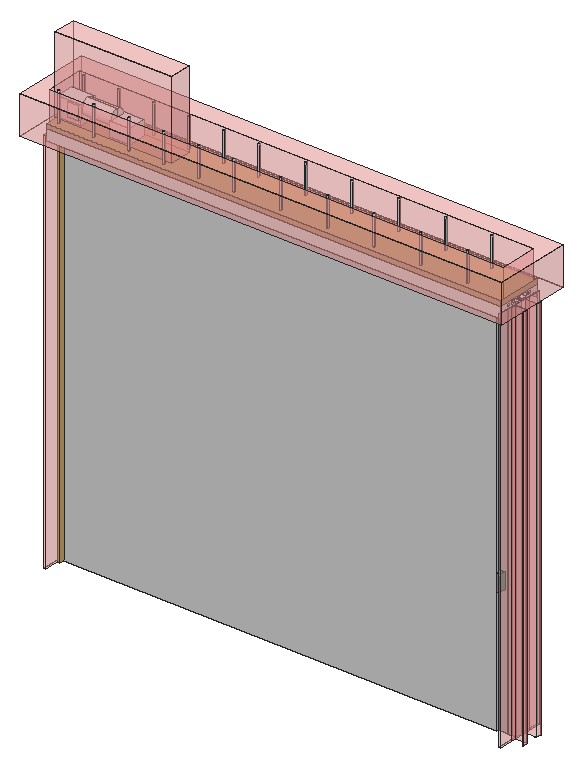
Revit family "Doors-Sliding_WON-DOOR_DuraSound_Motorized_Fixed_N", category Doors, host Wall, Revit 2020
Family settings
  Host = Wall
  OmniClass Number = 23.17.11.37.13
  OmniClass Title = Sound Control Doors
  Always vertical = Yes
  Cut with Voids When Loaded = No
  Shared = No
  Room Calculation Point = No
Parameters (values of type "Single Parting Door")
  Width [instance] = if(Clear Opening Width < Min Width, Min Width, if(Clear Opening Width > Real Max Width, Real Max Width, Clear Opening Width))  # 7' - 0"
  Warning Vis [instance] = if(Area > Max Area, 1 = 1, 1 = 2)  # no
  Warning Note [instance] = if(Warning Vis, "Doors dimensions are out of the limits", "")  # ""
  Wall Construction Clearance ( by other ) [instance] = yes
  Voltage [instance] = 120 V
  Version = 1
  Value Step for Pocket Rod [instance] = if(not([Threaded Rods ( by Won-Door )]), Max Step for Pocket Threaded Rods, if(Step for Pocket Threaded Rods < Min Step for Threaded Rods, Min Step for Threaded Rods, if(Step for Pocket Threaded Rods > Max Step for Pocket Threaded Rods, Max Step for Pocket Threaded Rods, Step for Pocket Threaded Rods)))  # 1' - 0"
  Value Step for Clear Opening Rod [instance] = if(not([Threaded Rods ( by Won-Door )]), Max Step for Clear Opening Threaded Rods, if(Step for Clear Opening Threaded Rods < Min Step for Threaded Rods, Min Step for Threaded Rods, if(Step for Clear Opening Threaded Rods > Max Step for Clear Opening Threaded Rods, Max Step for Clear Opening Threaded Rods, Step for Clear Opening Threaded Rods)))  # 1' - 6"
  URL = "https://www.wondoor.com/"
  Threaded Rods Height [instance] = Real Head Height - 0' 3 1/8"  # 0' - 8 7/8"
  Threaded Rods ( by Won-Door ) [instance] = yes
  Thickness = 1' - 0 5/8"  # constant formula
  T-09 SOFFIT [instance] = yes
  Step for Pocket Threaded Rods [instance] = 1' - 0"
  Step for Clear Opening Threaded Rods [instance] = 1' - 6"
  Stack Depth for SI [instance] = ((Width * 1.75) / 12) + 0' 6"  # 1' - 6 1/4"
  Stack Depth for BI [instance] = (((Width / 2) * 1.75) / 12) + 0' 6"  # 1' - 0 1/8"
  Stack Depth [instance] = if(Double Door, Real Stack Depth for BI, Real Stack Depth for SI)  # 4' - 8"
  Single Door Geometry [instance] = if(and(Closed, Single Door), 1 = 1, 1 = 2)  # yes
  Single Door = not(Double Door)  # yes
  Second Stack Depth Offset [instance] = if(Double Door, 0' 2", 0' 0")  # 0' - 0"
  Second Stack Depth [instance] = if(Double Door, Stack Depth - 0' 2", 1' 0")  # 1' - 0"
  Rough Width [instance] = Width + Stack Depth + Offset for Stack Depth  # 12' - 0 7/8"
  Rough Height [instance] = Height + Head Height  # 11' - 0"
  Real Width [instance] = Width  # 7' - 0"
  Real Thickness = 0' - 11 3/4"  # constant formula
  Real Step for Pocket Threaded Rods [instance] = ((Stack Depth - 0' 2") / (Array for Pocket Threaded Rods - 1))  # 0' - 10.8"
  Real Step for Clear Opening Threaded Rods [instance] = Array for Clear Opening Length / (Array for Clear Opening Threaded Rods - 1)  # 1' - 4.8"
  Real Stack Depth for BI [instance] = if(Stack Depth for BI < Min Stack Depth, Min Stack Depth, Stack Depth for BI)  # 4' - 8"
  Real Stack Depth for SI [instance] = if(Stack Depth for SI < Min Stack Depth, Min Stack Depth, Stack Depth for SI)  # 4' - 8"
  Real Max Width [instance] = Max Area / 5' 0"  # 280' - 0"
  Real Max Height [instance] = Max Area / 3' 0"  # 466' - 8"
  Real Height [instance] = Height  # 10' - 0"
  Real Head Height [instance] = if(Head Height < Min Head Height, Min Head Height, Head Height)  # 1' - 0"
  Product data url = "https://www.bimobject.com/hortonautomatics/product/WON-DOOR-durasound"
  Product Page URL = "https://www.wondoor.com/download/ds/"
  Power Factor [instance] = 1
  Pocket Thickness = 2' - 3 3/4"  # constant formula
  Open [instance] = no
  Offset for Width [instance] = if(Double Door, Stack Depth, 0' 0")  # 0' - 0"
  Offset for Stack Depth = if(Pocket Thickness = 2' 3 3/4", 0' 4 7/8", if(Pocket Thickness = 2' 6 1/4", 0' 6 1/8", 0' 7 3/8"))  # 0' - 4 7/8"
  Offset for Backing Width = if(or(Pocket Thickness = 2' 6 1/4", Pocket Thickness = 2' 8 3/4"), 0' 3 1/4", 0' 3 1/8")  # 0' - 3 1/8"
  Offset for Backing Depth = if(Pocket Thickness = 2' 6 1/4", 0' 7 3/8", if(Pocket Thickness = 2' 8 3/4", 0' 8 5/8", 0' 6 1/8"))  # 0' - 6 1/8"
  Number of Poles [instance] = 1
  Motor Drive Clearance ( by Won-Door ) [instance] = yes
  Model = "DS Motorixed Fixed"  # constant formula
  Min Width [instance] = 3' - 0"  # constant formula
  Min Step for Threaded Rods [instance] = 0' - 1"  # constant formula
  Min Stack Depth [instance] = 4' - 8"  # constant formula
  Min Height [instance] = 7' - 0"  # constant formula
  Min Head Height [instance] = 1' - 0"  # constant formula
  Max Step for Pocket Threaded Rods [instance] = 1' - 0"  # constant formula
  Max Step for Clear Opening Threaded Rods [instance] = 1' - 6"  # constant formula
  Max Head Height [instance] = 25' - 0"  # constant formula
  Max Area [instance] = 1400.00 SF  # constant formula
  Manufacturer = "Won-Door Corporation"  # constant formula
  Wall Closure = By host
  Height [instance] = if(Clear Opening Height < Min Height, Min Height, if(Clear Opening Height > Real Max Height, Real Max Height, Clear Opening Height))  # 10' - 0"
  Head Height [instance] = 1' - 0"
  Half Height [instance] = Height / 2  # 5' - 0"
  Fire Rating = ""
  Double Door Geometry [instance] = if(and(Closed, Double Door), 1 = 1, 1 = 2)  # no
  Double Door = no
  Door Finish = Won-Door-Plastic-Vinyl
  Description = "Won-Door DuraSound accordion folding doors increase building utility by performing multiple functions. These versatile accordion partitions are competitively priced, cost less to install and maintain, and last years longer than any other folding partition on the market.The dual-wall DuraSound accordion folding partition has the highest sound rating (STC 48  or equivalent NIC 30 ) in the industry. Each steel panel is corrugated for extra strength. Surface colors and vinyl finishes are permanently bonded. The result is a partition that is dent, ding and scratch resistant. DuraSound doors are only 4.2 pounds per square foot – and operate on a two-track system. A pin and roller suspends every panel and promotes smooth and low effort operation. This unique design allows the doors to span large, as well as curved, openings.  Available in unlimited widths, and heights up to 28 feet."  # constant formula
  Date Updated = ""
  Date Created = "2024/05/14"  # constant formula
  Current [instance] = 10 A  # constant formula
  Connector Description [instance] = "100-240 VAC, 60/50 Hz, 10 AMP"  # constant formula
  Closed [instance] = not(Open)  # yes
  Clear Opening Width [instance] = 7' - 0"
  Clear Opening Height [instance] = 10' - 0"
  Backing Profile Clearance ( by other ) [instance] = yes
  Array for Second Pocket Vis [instance] = if(and(Double Door, [Threaded Rods ( by Won-Door )]), 1 = 1, 1 = 2)  # no
  Array for Second Pocket Threaded Rods [instance] = if(not(Double Door), 2, Array for Pocket Threaded Rods)  # 2
  Array for Pocket Threaded Rods [instance] = 1 + roundup(((Stack Depth - 0' 2") / Value Step for Pocket Rod))  # 6
  Array for Clear Opening Threaded Rods [instance] = 1 + roundup(((Array for Clear Opening Length) / Value Step for Clear Opening Rod))  # 6
  Array for Clear Opening Length [instance] = Width  # 7' - 0"
  Area [instance] = Height * Width  # 70.00 SF
  Apparent Load [instance] = Voltage * Current  # 1200 VA
  Offset = 0' - 0"  # constant formula
Reference planes (in)
  plane 1 "Center (Front/Back)": y = 0
  plane 2: x = -26.75
  plane 3 "Top": z = 120
  plane 4 "Exterior": y = 30
  plane 5 "Interior": y = -30
  plane 6: z = 39.5
  plane 7: z = 44.5
  plane 8: z = 132
  plane 9: z = 60
  plane 10: z = 12
  plane 11: x = -82.75
  plane 12: x = 57.25
  plane 13: y = -5.875
  plane 14: y = 5.875
  plane 15 "Center (Left/Right)": x = 15.25
  plane 16: x = -80.75
  plane 17: z = 123.125
  plane 18: z = 60
  plane 19: x = 57.25
Forms (in)
  Extrusion 1, solid, material "Won-Door-Metal-Gray", detail levels medium
    sketch origin (-26.75, 36, 120) x (0, -1, 0) y (0, 0, -1)
      loop
        line (43, -1.625) -> (43, 0) -> (40.7505, 0) -> (40.7505, -1.231) -> (39.2495, -1.231) -> (39.2495, 0) -> (36.907, 0) -> (36.907, -0.245) -> (39.079, -0.245) -> (39.079, -1.366) -> (32.921, -1.366) -> (32.921, -0.245) -> (35.093, -0.245) -> (35.093, 0) -> (32.7505, 0) -> (32.7505, -1.231) -> (31.2495, -1.231) -> (31.2495, 0) -> (29, 0) -> (29, -1.625) -> (43, -1.625)
    from -56 to 84
  Extrusion 2, solid, material "Won-Door-Metal-Gray", detail levels coarse
    sketch origin (-26.75, 36, 120) x (0, -1, 0) y (0, 0, -1)
      loop
        line (43, 0) -> (29, 0) -> (29, -1.625) -> (43, -1.625) -> (43, 0)
    from -56 to 84
  Extrusion 3, solid, material "Won-Door-Metal-Gray", detail levels fine
    sketch origin (-26.75, 36, 120) x (0, -1, 0) y (0, 0, -1)
      loop
        line (43.0125, -1.625) -> (43.0125, 1.65) -> (42.95, 1.65) -> (42.95, 0) -> (40.25, 0) -> (40.25, -0.291) -> (40.7505, -0.291) -> (40.7505, -1.231) -> (39.2495, -1.231) -> (39.2495, -0.291) -> (39.75, -0.291) -> (39.75, 0) -> (36.907, 0) -> (36.907, -0.245) -> (37.407, -0.245) -> (37.407, -0.12) -> (39.079, -0.12) -> (39.079, -1.491) -> (37.407, -1.491) -> (37.407, -1.366) -> (36.907, -1.366) -> (36.907, -1.491) -> (35.093, -1.491) -> (35.093, -1.366) -> (34.593, -1.366) -> (34.593, -1.491) -> (32.921, -1.491) -> (32.921, -0.12) -> (34.593, -0.12) -> (34.593, -0.245) -> (35.093, -0.245) -> (35.093, 0) -> (32.25, 0) -> (32.25, -0.291) -> (32.7505, -0.291) -> (32.7505, -1.231) -> (31.2495, -1.231) -> (31.2495, -0.291) -> (31.75, -0.291) -> (31.75, 0) -> (29.05, 0) -> (29.05, 1.65) -> (28.9875, 1.65) -> (28.9875, -1.625) -> (43.0125, -1.625)
    from -56 to 84
  Extrusion 4, void
    sketch origin (0, 0, 0) x (1, 0, 0) y (0, 1, 0)
      loop
        line (-82.75, 30) -> (-82.75, -30) -> (57.25, -30) -> (57.25, 30) -> (-82.75, 30)
    from 0 to 120
  Extrusion 5, solid, material "Won-Door-Plastic-Vinyl" <- "Door Finish", visible <- "Double Door Geometry", detail levels medium+fine
    sketch origin (0, 0, 0) x (1, 0, 0) y (0, 1, 0)
      loop
        line (13.5, 1.5625) -> (-82, 1.5625) -> (-82, -1.5625) -> (13.5, -1.5625) -> (13.5, -0.875) -> (15.25, -0.875) -> (15.25, 0.875) -> (13.5, 0.875) -> (13.5, 1.5625)
    from 0 to 120
  Extrusion 6, solid, material "Won-Door-Plastic-Vinyl" <- "Door Finish", visible <- "Double Door Geometry", detail levels medium+fine
    sketch origin (0, 0, 0) x (1, 0, 0) y (0, 1, 0)
      loop
        line (13.5, 1.5625) -> (13.5, 0.875) -> (15.25, 0.875) -> (15.25, -0.875) -> (13.5, -0.875) -> (13.5, -1.5625) -> (56.50266, -1.5625) -> (56.50266, 1.5625) -> (13.5, 1.5625)
    from 0 to 120
  Extrusion 7, solid, material "Won-Door-Plastic-Vinyl" <- "Door Finish", visible <- "Double Door Geometry", detail levels coarse
    sketch origin (0, 0, 0) x (1, 0, 0) y (0, 1, 0)
      loop
        line (-82, -1.5625) -> (56.50266, -1.5625) -> (56.50266, 1.5625) -> (-82, 1.5625) -> (-82, -1.5625)
    from 0 to 120
  Extrusion 8, solid, material "Won-Door-Plastic-Vinyl" <- "Door Finish", visible <- "Single Door Geometry", detail levels coarse
    sketch origin (0, 0, 0) x (1, 0, 0) y (0, 1, 0)
      loop
        line (-82, 1.5625) -> (-82, -1.5625) -> (54.75, -1.5625) -> (54.75, 1.5625) -> (-82, 1.5625)
    from 0 to 120
  Extrusion 9, solid, material "Won-Door-Plastic-Vinyl", visible <- "Single Door Geometry", detail levels fine
    sketch origin (0, 0, 0) x (1, 0, 0) y (0, 1, 0)
      loop
        line (51.75, 1.5625) -> (-82, 1.5625) -> (-82, -1.5625) -> (51.75, -1.5625) -> (51.75, -0.875) -> (54.66488, -0.875) -> (54.66488, -1) -> (55.875, -1) -> (55.875, -0.875) -> (54.75, -0.875) -> (54.75, 0.875) -> (55.875, 0.875) -> (55.875, 1) -> (54.66488, 1) -> (54.66488, 0.875) -> (51.75, 0.875) -> (51.75, 1.5625)
    from 0 to 120
  Extrusion 10, solid, material "Won-Door-Plastic-Vinyl" <- "Door Finish", visible <- "Single Door Geometry", detail levels medium
    sketch origin (0, 0, 0) x (1, 0, 0) y (0, 1, 0)
      loop
        line (54.75, 0.875) -> (51.75, 0.875) -> (51.75, 1.5625) -> (-82, 1.5625) -> (-82, -1.5625) -> (51.75, -1.5625) -> (51.75, -0.875) -> (54.75, -0.875) -> (54.75, 0.875)
    from 0 to 120
  Extrusion 11, solid, material "Won-Door-Plastic-Green", visible <- "Single Door Geometry", detail levels medium
    sketch origin (57.25, -40, 0) x (0, 1, 0) y (-1, 0, 0)
      loop
        line (42.875, 3.625) -> (42.875, 4.625) -> (40.875, 4.625) -> (40.875, 3.625) -> (42.875, 3.625)
      loop
        line (37.125, 3.625) -> (39.125, 3.625) -> (39.125, 4.625) -> (37.125, 4.625) -> (37.125, 3.625)
    from 39.5 to 44.5
  Extrusion 12, solid, material "Won-Door-Plastic-Green", visible <- "Single Door Geometry", detail levels fine
    sketch origin (57.25, -40, 0) x (0, 1, 0) y (-1, 0, 0)
      loop
        arc (42.625, 3.625) -> (42.80178, 3.69822) -> (42.875, 3.875) r 0.25
        line (42.875, 3.875) -> (42.875, 4.375)
        arc (42.875, 4.375) -> (42.80178, 4.55178) -> (42.625, 4.625) r 0.25
        line (42.625, 4.625) -> (40.875, 4.625) -> (40.875, 3.625) -> (42.625, 3.625)
      loop
        line (37.375, 3.625) -> (39.125, 3.625) -> (39.125, 4.625) -> (37.375, 4.625)
        arc (37.375, 4.625) -> (37.19822, 4.55178) -> (37.125, 4.375) r 0.25
        line (37.125, 4.375) -> (37.125, 3.875)
        arc (37.125, 3.875) -> (37.19822, 3.69822) -> (37.375, 3.625) r 0.25
    from 39.5 to 44.5
  Extrusion 13, solid, material "Won-Door-Plastic-Green", visible <- "Double Door Geometry", detail levels medium
    sketch origin (0, 0, 0) x (1, 0, 0) y (0, 1, 0)
      loop
        line (13.125, 3.5625) -> (12.125, 3.5625) -> (12.125, 1.5625) -> (13.125, 1.5625) -> (13.125, 3.5625)
      loop
        line (13.125, -3.5625) -> (13.125, -1.5625) -> (12.125, -1.5625) -> (12.125, -3.5625) -> (13.125, -3.5625)
      loop
        line (17.375, 3.5625) -> (17.375, 1.5625) -> (18.375, 1.5625) -> (18.375, 3.5625) -> (17.375, 3.5625)
      loop
        line (17.375, -3.5625) -> (18.375, -3.5625) -> (18.375, -1.5625) -> (17.375, -1.5625) -> (17.375, -3.5625)
    from 39.5 to 44.5
  Extrusion 14, solid, material "Won-Door-Plastic-Green", visible <- "Double Door Geometry", detail levels fine
    sketch origin (0, 0, 0) x (1, 0, 0) y (0, 1, 0)
      loop
        arc (13.125, 3.3125) -> (13.05178, 3.48928) -> (12.875, 3.5625) r 0.25
        line (12.875, 3.5625) -> (12.375, 3.5625)
        arc (12.375, 3.5625) -> (12.19822, 3.48928) -> (12.125, 3.3125) r 0.25
        line (12.125, 3.3125) -> (12.125, 1.5625) -> (13.125, 1.5625) -> (13.125, 3.3125)
      loop
        line (13.125, -3.3125) -> (13.125, -1.5625) -> (12.125, -1.5625) -> (12.125, -3.3125)
        arc (12.125, -3.3125) -> (12.19822, -3.48928) -> (12.375, -3.5625) r 0.25
        line (12.375, -3.5625) -> (12.875, -3.5625)
        arc (12.875, -3.5625) -> (13.05178, -3.48928) -> (13.125, -3.3125) r 0.25
      loop
        line (17.375, 3.3125) -> (17.375, 1.5625) -> (18.375, 1.5625) -> (18.375, 3.3125)
        arc (18.375, 3.3125) -> (18.30178, 3.48928) -> (18.125, 3.5625) r 0.25
        line (18.125, 3.5625) -> (17.625, 3.5625)
        arc (17.625, 3.5625) -> (17.44822, 3.48928) -> (17.375, 3.3125) r 0.25
      loop
        arc (17.375, -3.3125) -> (17.44822, -3.48928) -> (17.625, -3.5625) r 0.25
        line (17.625, -3.5625) -> (18.125, -3.5625)
        arc (18.125, -3.5625) -> (18.30178, -3.48928) -> (18.375, -3.3125) r 0.25
        line (18.375, -3.3125) -> (18.375, -1.5625) -> (17.375, -1.5625) -> (17.375, -3.3125)
    from 39.5 to 44.5
  Extrusion 15, solid, material "Won-Door - Wood - Plywood"
    sketch origin (-26.75, 36, 120) x (0, -1, 0) y (0, 0, -1)
      loop
        line (43, -1.625) -> (29, -1.625) -> (29, -3.125) -> (43, -3.125) -> (43, -1.625)
    from -56 to 84
  Extrusion 16, solid, material "Clearance", visible <- "Wall Construction Clearance ( by other )"
    sketch origin (0, 0, 0) x (1, 0, 0) y (0, 1, 0)
      loop
        line (-87, -11.99789) -> (61.5, -11.99789) -> (61.5, 11.99789) -> (-87, 11.99789) -> (-87, -11.99789)
      loop
        line (-82.75, 5.875) -> (-82.75, -5.875) -> (57.25, -5.875) -> (57.25, 5.875) -> (-82.75, 5.875)
    from 120 to 132
  Extrusion 17, void
    sketch origin (69.5, 0, 120) x (1, 0, 0) y (0, 0, 1)
      loop
        line (-116.25, 3.125) -> (-116.25, 27.125) -> (-152.25, 27.125) -> (-152.25, 3.125) -> (-116.25, 3.125)
    from -3.25 to 3.75
  Extrusion 18, solid, material "Won-Door-Metal-Gray", detail levels coarse
    sketch origin (-39, 0, 120) x (-1, 0, 0) y (0, 0, -1)
      loop
        line (19.62213, -10.61229) -> (43.75, -10.61229) -> (43.75, -3.125) -> (19.62213, -3.125) -> (19.62213, -10.61229)
    from -3.24588 to 3.24342
  Revolve 19, solid, material "Won-Door-Metal-Gray", detail levels medium+fine
    sketch origin (-39, 0, 121.5) x (-1, 0, 0) y (0, 0, -1)
      loop
        line (36.625, -6.02033) -> (36.625, -3.71174) -> (27.58984, -3.71174) -> (27.58984, -6.02033) -> (36.625, -6.02033)
      axis (36.625, -6.02033) -> (27.58984, -6.02033)
    angle from 0 to 360
  Extrusion 20, solid, material "Won-Door-Metal-Gray", detail levels medium+fine
    sketch origin (-26.75, 0, 123.125) x (1, 0, 0) y (0, 0, 1)
      loop
        line (-48.875, 5.75) -> (-56, 5.75) -> (-56, 0) -> (-48.875, 0) -> (-48.875, 5.75)
      loop
        line (-33.875, 4.52433) -> (-39.8393, 4.52433) -> (-39.8393, 0) -> (-33.875, 0) -> (-33.875, 4.52433)
    from -2.74098 to 2.73401
  Extrusion 21, solid, material "Won-Door-Metal-Gray", detail levels medium+fine
    sketch origin (-29.75, 0, 124.30181) x (1, 0, 0) y (0, 0, 1)
      loop
        line (-45.875, 4.57319) -> (-49.125, 4.57319) -> (-49.125, 0.57319) -> (-45.875, 0.57319) -> (-45.875, 4.57319)
    from 3.56 to 2.73401
  Extrusion 22, solid, material "Clearance", visible <- "Motor Drive Clearance ( by Won-Door )"
    sketch origin (15.25, 0, 0) x (0, 1, 0) y (0, 0, 1)
      loop
        line (3.25, 123.125) -> (3.25, 147.125) -> (-3.75, 147.125) -> (-3.75, 123.125) -> (3.25, 123.125)
    from -98 to -62
  Extrusion 23, void
    sketch origin (0, 0, 0) x (1, 0, 0) y (0, 1, 0)
      loop
        line (-82.75, 7.0125) -> (-82.75, -6.95) -> (57.25, -6.95) -> (57.25, 7.0125) -> (-82.75, 7.0125)
    from 120 to 132
Lines and regions (in)
  Masking region 1, visible <- "Double Door Geometry"
    outline origin (0, 0, 0) x (1, 0, 0) y (0, 1, 0)
      loop
        line (56.5, 1.5625) -> (-82, 1.5625) -> (-82, -1.5625) -> (56.5, -1.5625) -> (56.5, 1.5625)
  Masking region 2, visible <- "Double Door Geometry", detail levels fine
    outline origin (0, 0, 0) x (1, 0, 0) y (0, 1, 0)
      loop
        line (13.125, 1.5625) -> (13.125, 3.3125)
        arc (13.125, 3.3125) -> (13.05178, 3.48928) -> (12.875, 3.5625) r 0.25
        line (12.875, 3.5625) -> (12.375, 3.5625)
        arc (12.375, 3.5625) -> (12.19822, 3.48928) -> (12.125, 3.3125) r 0.25
        line (12.125, 3.3125) -> (12.125, 1.5625) -> (13.125, 1.5625)
      loop
        line (17.375, 1.5625) -> (18.375, 1.5625) -> (18.375, 3.3125)
        arc (18.375, 3.3125) -> (18.30178, 3.48928) -> (18.125, 3.5625) r 0.25
        line (18.125, 3.5625) -> (17.625, 3.5625)
        arc (17.625, 3.5625) -> (17.44822, 3.48928) -> (17.375, 3.3125) r 0.25
        line (17.375, 3.3125) -> (17.375, 1.5625)
      loop
        line (13.125, -1.5625) -> (12.125, -1.5625) -> (12.125, -3.3125)
        arc (12.125, -3.3125) -> (12.19822, -3.48928) -> (12.375, -3.5625) r 0.25
        line (12.375, -3.5625) -> (12.875, -3.5625)
        arc (12.875, -3.5625) -> (13.05178, -3.48928) -> (13.125, -3.3125) r 0.25
        line (13.125, -3.3125) -> (13.125, -1.5625)
      loop
        line (17.375, -1.5625) -> (17.375, -3.3125)
        arc (17.375, -3.3125) -> (17.44822, -3.48928) -> (17.625, -3.5625) r 0.25
        line (17.625, -3.5625) -> (18.125, -3.5625)
        arc (18.125, -3.5625) -> (18.30178, -3.48928) -> (18.375, -3.3125) r 0.25
        line (18.375, -3.3125) -> (18.375, -1.5625) -> (17.375, -1.5625)
  Masking region 3, visible <- "Double Door Geometry", detail levels medium
    outline origin (0, 0, 0) x (1, 0, 0) y (0, 1, 0)
      loop
        line (13.125, 1.5625) -> (13.125, 3.5625) -> (12.125, 3.5625) -> (12.125, 1.5625) -> (13.125, 1.5625)
      loop
        line (17.375, 1.5625) -> (18.375, 1.5625) -> (18.375, 3.5625) -> (17.375, 3.5625) -> (17.375, 1.5625)
      loop
        line (13.125, -1.5625) -> (12.125, -1.5625) -> (12.125, -3.5625) -> (13.125, -3.5625) -> (13.125, -1.5625)
      loop
        line (17.375, -1.5625) -> (17.375, -3.5625) -> (18.375, -3.5625) -> (18.375, -1.5625) -> (17.375, -1.5625)
  Masking region 4, visible <- "Single Door Geometry", detail levels coarse
    outline origin (0, 0, 0) x (1, 0, 0) y (0, 1, 0)
      loop
        line (-82, 1.5625) -> (-82, -1.5625) -> (54.72968, -1.5625) -> (54.72968, 1.5625) -> (-82, 1.5625)
  Masking region 5, visible <- "Single Door Geometry", detail levels medium
    outline origin (0, 0, 0) x (1, 0, 0) y (0, 1, 0)
      loop
        line (51.75, 1.5625) -> (-82, 1.5625) -> (-82, -1.5625) -> (51.75, -1.5625) -> (51.75, -0.875) -> (55.11466, -0.875) -> (55.11466, -0.805) -> (54.72086, -0.805) -> (54.72086, -0.70566) -> (54.83966, -0.70566) -> (54.83966, -0.4675) -> (54.72968, -0.4675) -> (54.72968, 0.4675) -> (54.83966, 0.4675) -> (54.83966, 0.70566) -> (54.72086, 0.70566) -> (54.72086, 0.805) -> (55.11466, 0.805) -> (55.11466, 0.875) -> (51.75, 0.875) -> (51.75, 1.5625)
  Masking region 6, visible <- "Single Door Geometry", detail levels fine
    outline origin (0, 0, 0) x (1, 0, 0) y (0, 1, 0)
      loop
        line (51.75, 1.5625) -> (-82, 1.5625) -> (-82, -1.5625) -> (51.75, -1.5625) -> (51.75, -0.875) -> (55.15544, -0.875)
        arc (55.15544, -0.875) -> (55.12917, -0.84342) -> (55.11466, -0.805) r 0.124
        line (55.11466, -0.805) -> (54.75066, -0.805)
        arc (54.75066, -0.805) -> (54.72124, -0.78085) -> (54.73918, -0.74728) r 0.03
        line (54.73918, -0.74728) -> (54.83966, -0.70566) -> (54.83966, -0.4675) -> (54.80785, -0.4675)
        arc (54.80785, -0.4675) -> (54.72968, 0) -> (54.80785, 0.4675) r 1.43699
        line (54.80785, 0.4675) -> (54.83966, 0.4675) -> (54.83966, 0.70566) -> (54.73918, 0.74728)
        arc (54.73918, 0.74728) -> (54.72124, 0.78085) -> (54.75066, 0.805) r 0.03
        line (54.75066, 0.805) -> (55.11466, 0.805)
        arc (55.11466, 0.805) -> (55.12917, 0.84342) -> (55.15544, 0.875) r 0.124
        line (55.15544, 0.875) -> (51.75, 0.875) -> (51.75, 1.5625)
  reference lines
    curve 1: line (-82.75, 14.88149, 0) -> (-82.75, -14.88149, 0)
    curve 2: line (57.25, -40, 0) -> (57.25, 35.88149, 0)
    curve 3: line (-26.75, 36, 120) -> (-26.75, -31, 120)
    curve 10: line (69.5, 0, 120) -> (75.93699, 0, 120)
    curve 11: line (45.25, 26.863, 0) -> (45.25, -40, 0)
    curve 12: line (57.25, 26.863, 0) -> (57.25, -40, 0)
  symbolic lines, visible <- "Double Door Geometry", detail levels medium+fine
    curve 4: line (15.25, 0.875, 0) -> (15.25, -0.875, 0)
  symbolic lines, visible <- "Double Door Geometry"
    curve 5: line (13.5, 1.5625, 0) -> (13.5, 0.875, 0)
    curve 6: line (13.5, 0.875, 0) -> (15.25, 0.875, 0)
    curve 7: line (15.25, 0.875, 0) -> (15.25, -0.875, 0)
    curve 8: line (15.25, -0.875, 0) -> (13.5, -0.875, 0)
    curve 9: line (13.5, -0.875, 0) -> (13.5, -1.5625, 0)
Text (in)
  text "Exterior" at (-74.96733, 27.31104, 0), in view "Ref. Level"
  text "Interior" at (-74.96733, -25.14366, 0), in view "Ref. Level"
  text "Exterior" at (0, 40.15149, 123.01588), in view "Right"
  text "Interior" at (0, -64.39139, 123.01588), in view "Right"
  text "Interior" at (0, -31.01599, 123.00693), in view "Left"
  text "Exterior" at (0, 54.57065, 123.00693), in view "Left"
Dimensions and locks (in)
  "Height": level to plane 3 "Top"
  locked: level to plane 6 at 39.5
  locked: plane 6 to plane 7 at 5
  "Real Head Height": plane 3 "Top" to plane 8
  locked: plane 9 to level at 60
  "Stack Depth": plane 11 to plane 2
  equal spacing: curve 1, plane 1 "Center (Front/Back)", curve 1
  locked: curve 1 to curve 1 at 29.76298
  equal spacing: plane 14, plane 1 "Center (Front/Back)", plane 13
  "Real Thickness": plane 14 to plane 13
  equal spacing: plane 5 "Interior", plane 1 "Center (Front/Back)", plane 4 "Exterior"
  locked: Extrusion 6 sketch curve to Extrusion 6 sketch curve at 3.125
  locked: plane 11 to Extrusion 7 sketch curve at 0.75
  locked: plane 11 to Extrusion 8 sketch curve at 0.75
  locked: Extrusion 8 sketch curve to plane 12 at 2.5
  locked: plane 11 to Extrusion 9 sketch curve at 0.75
  locked: Extrusion 9 sketch curve to plane 12 at 1.375  (x2)
  locked: plane 11 to Extrusion 10 sketch curve at 0.75
  locked: plane 14 to Extrusion 7 sketch curve at 4.3125
  locked: Extrusion 7 sketch curve to plane 13 at 4.3125
  locked: plane 11 to Extrusion 5 sketch curve at 0.75
  locked: plane 14 to Extrusion 5 sketch curve at 4.3125
  locked: Extrusion 5 sketch curve to plane 13 at 4.3125
  locked: Extrusion 6 sketch curve to plane 13 at 4.3125
  Extrusion 6 sketch curve to Extrusion 6 sketch curve to Extrusion 6 sketch curve = 0' - 1 3/4" locked, 0' - 0 11/16" locked
  plane 14 to Extrusion 10 sketch curve to Extrusion 10 sketch curve = 0' - 4 5/16" locked, 0' - 3 1/8" locked
  locked: Extrusion 10 sketch curve to Extrusion 10 sketch curve at 3  (x2)
  plane 14 to Extrusion 10 sketch curve to Extrusion 10 sketch curve = 0' - 5" locked, 0' - 1 3/4" locked
  plane 14 to Extrusion 9 sketch curve to Extrusion 9 sketch curve = 0' - 4 5/16" locked, 0' - 3 1/8" locked
  Extrusion 9 sketch curve to Extrusion 9 sketch curve to plane 13 = 0' - 0 1/8" locked, 0' - 4 7/8" locked
  equal spacing: Extrusion 9 sketch curve, nested 2, Extrusion 9 sketch curve
  locked: Extrusion 9 sketch curve to Extrusion 9 sketch curve at 0.125  (x2)
  locked: Extrusion 11 sketch curve to Extrusion 11 sketch curve at 1  (x2)
  plane 14 to Extrusion 11 sketch curve to Extrusion 11 sketch curve = 0' - 3" locked, 0' - 2" locked
  Extrusion 11 sketch curve to Extrusion 11 sketch curve to plane 13 = 0' - 2" locked, 0' - 3" locked
  locked: Extrusion 11 sketch curve to curve 2 at 3.625  (x2)
  plane 14 to Extrusion 8 sketch curve to Extrusion 8 sketch curve = 0' - 4 5/16" locked, 0' - 3 1/8" locked
  locked: Extrusion 12 sketch curve to Extrusion 12 sketch curve at 1  (x2)
  plane 14 to Extrusion 12 sketch curve to Extrusion 12 sketch curve = 0' - 3" locked, 0' - 2" locked
  Extrusion 12 sketch curve to Extrusion 12 sketch curve to plane 13 = 0' - 2" locked, 0' - 3" locked
  locked: Extrusion 12 sketch curve to curve 2 at 3.625  (x2)
  locked: Extrusion 12 sketch curve to Extrusion 12 sketch curve at 0.25  (x4)
  Extrusion 12 sketch curve to Extrusion 12 sketch curve to Extrusion 12 sketch curve = 0' - 0 1/2" locked, 0' - 0 1/4" locked
  Extrusion 12 sketch curve to Extrusion 12 sketch curve to Extrusion 12 sketch curve = 0' - 0 1/4" locked, 0' - 0 1/2" locked
  locked: Extrusion 13 sketch curve to Extrusion 13 sketch curve at 1  (x4)
  plane 14 to Extrusion 13 sketch curve to Extrusion 13 sketch curve = 0' - 2 5/16" locked, 0' - 2" locked  (x2)
  Extrusion 13 sketch curve to Extrusion 13 sketch curve to plane 13 = 0' - 2" locked, 0' - 2 5/16" locked  (x2)
  Extrusion 13 sketch curve to plane 15 "Center (Left/Right)" to Extrusion 13 sketch curve = 0' - 2 1/8" locked, 0' - 2 1/8" locked  (x2)
  locked: Extrusion 14 sketch curve to Extrusion 14 sketch curve at 1  (x4)
  plane 14 to Extrusion 14 sketch curve to Extrusion 14 sketch curve = 0' - 2 5/16" locked, 0' - 2" locked  (x2)
  Extrusion 14 sketch curve to Extrusion 14 sketch curve to plane 13 = 0' - 2" locked, 0' - 2 5/16" locked  (x2)
  Extrusion 14 sketch curve to plane 15 "Center (Left/Right)" to Extrusion 14 sketch curve = 0' - 2 1/8" locked, 0' - 2 1/8" locked  (x2)
  locked: Extrusion 14 sketch curve to Extrusion 14 sketch curve at 0.25  (x10)
  Extrusion 14 sketch curve to Extrusion 14 sketch curve to Extrusion 14 sketch curve = 0' - 0 1/4" locked, 0' - 0 1/2" locked  (x3)
  locked: plane 11 to Masking region 1 sketch curve at 0.75
  locked: Masking region 1 sketch curve to plane 12 at 0.75
  locked: Masking region 1 sketch curve to Masking region 1 sketch curve at 3.125
  locked: plane 14 to Masking region 1 sketch curve at 4.3125
  locked: Masking region 2 sketch curve to Masking region 2 sketch curve at 1  (x8)
  Masking region 2 sketch curve to Masking region 2 sketch curve to Masking region 2 sketch curve = 0' - 0 1/4" locked, 0' - 1 3/4" locked  (x2)
  Masking region 2 sketch curve to Masking region 2 sketch curve to Masking region 2 sketch curve = 0' - 1 3/4" locked, 0' - 0 1/4" locked  (x2)
  locked: Masking region 2 sketch curve to Masking region 2 sketch curve at 1.75  (x4)
  locked: plane 14 to Masking region 2 sketch curve at 4.3125  (x2)
  locked: Masking region 2 sketch curve to plane 13 at 4.3125  (x2)
  Masking region 2 sketch curve to plane 15 "Center (Left/Right)" to Masking region 2 sketch curve = 0' - 2 1/8" locked, 0' - 2 1/8" locked  (x2)
  locked: plane 14 to Masking region 3 sketch curve at 4.3125  (x2)
  locked: Masking region 3 sketch curve to plane 13 at 4.3125  (x2)
  Masking region 3 sketch curve to plane 15 "Center (Left/Right)" to Masking region 3 sketch curve = 0' - 2 1/8" locked, 0' - 2 1/8" locked  (x2)
  locked: Masking region 3 sketch curve to Masking region 3 sketch curve at 1  (x4)
  locked: Masking region 3 sketch curve to Masking region 3 sketch curve at 2  (x4)
  locked: Extrusion 16 sketch curve to plane 11 at 4.25
  locked: plane 13 to Extrusion 16 sketch curve at 6.12289
  locked: Extrusion 16 sketch curve to plane 14 at 6.12289
  locked: plane 11 to Masking region 4 sketch curve at 0.75
  plane 14 to Masking region 4 sketch curve to Masking region 4 sketch curve = 0' - 4 5/16" locked, 0' - 3 1/8" locked
  locked: plane 11 to Masking region 5 sketch curve at 0.75
  plane 14 to Masking region 5 sketch curve to Masking region 5 sketch curve = 0' - 4 5/16" locked, 0' - 3 1/8" locked
  locked: Masking region 5 sketch curve to Masking region 5 sketch curve at 0.6875  (x2)
  locked: plane 11 to Masking region 6 sketch curve at 0.75
  plane 14 to Masking region 6 sketch curve to Masking region 6 sketch curve = 0' - 4 5/16" locked, 0' - 3 1/8" locked
  locked: Masking region 6 sketch curve to Masking region 6 sketch curve at 0.6875  (x2)
  locked: Masking region 4 sketch curve to plane 12 at 2.52032
  locked: Masking region 5 sketch curve to plane 12 at 2.13534  (x2)
  locked: Extrusion 6 sketch curve to plane 15 "Center (Left/Right)" at 1.75  (x2)
  locked: Extrusion 5 sketch curve to plane 15 "Center (Left/Right)" at 1.75  (x2)
  locked: Extrusion 5 sketch curve to Extrusion 5 sketch curve at 0.6875  (x2)
  plane 14 to plane 13 = 0' - 11 3/4"  (x2)
  locked: plane 3 "Top" to Extrusion 17 sketch curve at 3.125
  Extrusion 17 sketch curve to Extrusion 17 sketch curve = 2' - 0"
  locked: Extrusion 17 sketch curve to Extrusion 17 sketch curve at 36
  plane 14 to Extrusion 17 to Extrusion 17 to plane 13 = 0' - 2 5/8" locked, 0' - 7", 0' - 2 1/8"
  locked: Extrusion 15 sketch curve to plane 13 at 1.125
  locked: plane 14 to Extrusion 15 sketch curve at 1.125
  locked: Extrusion 2 sketch curve to plane 13 at 1.125
  locked: Extrusion 2 sketch curve to Extrusion 2 sketch curve at 14
  Extrusion 3 sketch curve to Extrusion 3 sketch curve to Extrusion 3 sketch curve to Extrusion 3 sketch curve to Extrusion 3 sketch curve to Extrusion 3 sketch curve to Extrusion 3 sketch curve to Extrusion 3 sketch curve to Extrusion 3 sketch curve to Extrusion 3 sketch curve to Extrusion 3 sketch curve to Extrusion 3 sketch curve to Extrusion 3 sketch curve to Extrusion 3 sketch curve to Extrusion 3 sketch curve to Extrusion 3 sketch curve to Extrusion 3 sketch curve = 0' - 0 1/16" locked, 0' - 2.1995" locked, 0' - 0.5005" locked, 0' - 0 1/2" locked, 0' - 0.5005" locked, 0' - 1.8425" locked, 0' - 0 1/2" locked, 0' - 1.814" locked, 0' - 0 1/2" locked, 0' - 1.672" locked, 0' - 0.1705" locked, 0' - 0.5005" locked, 0' - 0 1/2" locked, 0' - 0.5005" locked, 0' - 2.1995" locked, 0' - 0 1/16" locked
  locked: Extrusion 3 sketch curve to plane 13 at 1.075
  Extrusion 3 sketch curve to Extrusion 3 sketch curve to Extrusion 3 sketch curve to Extrusion 3 sketch curve = 0' - 0 1/2" locked, 0' - 1.814" locked, 0' - 0 1/2" locked
  locked: plane 13 to Extrusion 3 sketch curve at 4.468
  Extrusion 1 sketch curve to Extrusion 1 sketch curve to Extrusion 1 sketch curve to Extrusion 1 sketch curve to Extrusion 1 sketch curve to Extrusion 1 sketch curve to Extrusion 1 sketch curve to Extrusion 1 sketch curve to Extrusion 1 sketch curve to Extrusion 1 sketch curve = 0' - 2.2495" locked, 0' - 1.501" locked, 0' - 0.1705" locked, 0' - 2.172" locked, 0' - 1.814" locked, 0' - 2.172" locked, 0' - 0.1705" locked, 0' - 1.501" locked, 0' - 2.2495" locked
  locked: Extrusion 1 sketch curve to plane 13 at 1.125
  locked: Extrusion 18 to Extrusion 18 at 6.48931
  plane 14 to Extrusion 18 to Extrusion 18 = 0' - 2.62912" locked, 0' - 6.48931" locked
  "Second Stack Depth Offset": curve 12 to curve 2
  "Second Stack Depth": curve 11 to curve 12
  equal spacing: group 1, group 7, group 8, group 9, group 10, group 2  (x3)
  locked: plane 11 to plane 16 at 2
  locked: plane 3 "Top" to plane 17 at 3.125
  group 4 to group 3 = 1' - 0"
  group 3 to group 4 = 0' - 0"  (x2)
  equal spacing: group 5, group 11, group 12, group 13, group 14, group 6  (x3)
  "Half Height": level to plane 18
  locked: Extrusion 18 sketch curve to Extrusion 18 sketch curve at 24.12787
  locked: Revolve 19 sketch curve to Revolve 19 sketch curve at 9.03516
  locked: Extrusion 20 sketch curve to Extrusion 20 sketch curve at 7.125
  locked: Extrusion 20 sketch curve to Extrusion 20 sketch curve at 5.75
  Extrusion 20 sketch curve to Extrusion 20 sketch curve to Extrusion 20 sketch curve = 0' - 5.9643" locked, 0' - 9.0357" locked
  locked: Extrusion 20 sketch curve to Extrusion 20 sketch curve at 4.52433
  locked: Revolve 19 sketch curve to plane 11 at 7.125
  locked: Extrusion 21 sketch curve to Extrusion 21 sketch curve at 3.25
  locked: Extrusion 21 sketch curve to Extrusion 21 sketch curve at 4
  locked: Extrusion 21 sketch curve to plane 17 at 1.75
  locked: plane 11 to Extrusion 21 sketch curve at 3.875
  locked: Extrusion 22 sketch curve to plane 1 "Center (Front/Back)" at 3.75
  locked: plane 17 to Extrusion 22 sketch curve at 24
  locked: Extrusion 22 to plane 11 at 36
  "Offset for Width": plane 19 to curve 2
  equal spacing: plane 2, plane 15 "Center (Left/Right)", plane 19
  "Width": plane 2 to plane 19
  locked: Extrusion 10 sketch curve to curve 12 at 2.5
  locked: Extrusion 7 sketch curve to curve 2 at 0.74734
  locked: Extrusion 6 sketch curve to curve 2 at 0.74734
  locked: Extrusion 16 sketch curve to Extrusion 16 sketch curve at 4.25
  locked: plane 1 "Center (Front/Back)" to Extrusion 23 sketch curve at 7.0125
  locked: plane 1 "Center (Front/Back)" to Extrusion 23 sketch curve at 6.95
  aligned and locked: plane 4 "Exterior" to host wall
  aligned and locked: curve 1 to plane 11
  aligned and locked: nested 1 to plane 1 "Center (Front/Back)"
  aligned and locked: plane 2 to nested 1
  aligned and locked: nested 2 to plane 1 "Center (Front/Back)"
  aligned and locked: curve 2 to nested 2
  aligned and locked: curve 3 to plane 3 "Top"
  aligned and locked: Extrusion 1 to plane 11
  aligned and locked: Extrusion 2 to plane 11
  aligned and locked: Extrusion 3 to plane 11
  aligned and locked: Extrusion 4 sketch curve to plane 11
  aligned and locked: Extrusion 4 sketch curve to plane 4 "Exterior"
  aligned and locked: Extrusion 4 sketch curve to plane 5 "Interior"
  aligned and locked: Extrusion 4 to level
  aligned and locked: Extrusion 5 to plane 3 "Top"
  aligned and locked: Extrusion 5 to level
  aligned and locked: Extrusion 6 to level
  aligned and locked: Extrusion 6 to plane 3 "Top"
  aligned and locked: Extrusion 7 to level
  aligned and locked: Extrusion 7 to plane 3 "Top"
  aligned and locked: Extrusion 8 to plane 3 "Top"
  aligned and locked: Extrusion 8 to level
  aligned and locked: Extrusion 9 to plane 3 "Top"
  aligned and locked: Extrusion 9 to level
  aligned and locked: Extrusion 10 to level
  aligned and locked: Extrusion 10 to plane 3 "Top"
  aligned and locked: Extrusion 5 sketch curve to plane 15 "Center (Left/Right)"
  aligned and locked: plane 7 to Extrusion 11
  aligned and locked: Extrusion 11 to plane 6
  aligned and locked: Extrusion 12 to plane 6
  aligned and locked: plane 7 to Extrusion 12
  aligned and locked: plane 7 to Extrusion 13
  aligned and locked: Extrusion 13 to plane 6
  aligned and locked: plane 7 to Extrusion 14
  aligned and locked: Extrusion 14 to plane 6
  aligned and locked: Extrusion 15 to plane 11
  aligned and locked: plane 11 to nested 3
  aligned and locked: nested 3 to plane 1 "Center (Front/Back)"
  aligned and locked: nested 4 to plane 1 "Center (Front/Back)"
  aligned and locked: curve 4 to Extrusion 6
  aligned and locked: plane 3 "Top" to Extrusion 16
  aligned and locked: plane 8 to Extrusion 16
  aligned and locked: Extrusion 16 sketch curve to plane 14
  aligned and locked: Extrusion 16 sketch curve to plane 13
  aligned and locked: Extrusion 16 sketch curve to plane 11
  aligned and locked: Masking region 5 sketch curve to nested 4  (x10)
  aligned and locked: nested 4 to Masking region 5 sketch curve
  aligned and locked: Masking region 6 sketch curve to nested 4  (x11)
  aligned and locked: curve 5 to Extrusion 6
  aligned and locked: curve 6 to Extrusion 6
  aligned and locked: curve 7 to Extrusion 6
  aligned and locked: curve 8 to Extrusion 6
  aligned and locked: curve 9 to Extrusion 6
  aligned and locked: curve 10 to plane 3 "Top"
  aligned and locked: plane 1 "Center (Front/Back)" to curve 10
  aligned and locked: Extrusion 17 sketch curve to plane 11
  aligned and locked: nested 5 to plane 16
  aligned and locked: nested 6 to curve 3
  aligned and locked: nested 5 to plane 1 "Center (Front/Back)"
  aligned and locked: plane 1 "Center (Front/Back)" to nested 6
  aligned and locked: plane 17 to nested 6
  aligned and locked: plane 17 to nested 5
  aligned and locked: nested 7 to curve 12
  aligned and locked: nested 8 to curve 11
  aligned and locked: plane 1 "Center (Front/Back)" to nested 8
  aligned and locked: plane 1 "Center (Front/Back)" to nested 7
  aligned and locked: plane 17 to nested 7
  aligned and locked: plane 17 to nested 8
  aligned and locked: nested 9 to curve 3
  aligned and locked: nested 10 to curve 11
  aligned and locked: plane 1 "Center (Front/Back)" to nested 9
  aligned and locked: plane 1 "Center (Front/Back)" to nested 10
  aligned and locked: plane 17 to nested 10
  aligned and locked: plane 17 to nested 9
  aligned and locked: nested 11 to plane 18
  aligned and locked: plane 15 "Center (Left/Right)" to nested 11
  aligned and locked: nested 12 to plane 15 "Center (Left/Right)"
  aligned and locked: plane 18 to nested 12
  aligned and locked: plane 11 to Extrusion 18 sketch curve
  aligned and locked: Extrusion 20 sketch curve to plane 11
  aligned and locked: Extrusion 20 sketch curve to plane 17
  aligned and locked: plane 17 to Extrusion 20 sketch curve
  aligned and locked: Extrusion 22 sketch curve to plane 17
  aligned and locked: Extrusion 22 to plane 11
  aligned and locked: Extrusion 17 to Extrusion 22
  aligned and locked: plane 19 to plane 12
  aligned and locked: nested 4 to curve 2
  aligned and locked: Extrusion 16 sketch curve to curve 2
  aligned and locked: Extrusion 15 to curve 2
  aligned and locked: Extrusion 2 to curve 2
  aligned and locked: Extrusion 1 to curve 2
  aligned and locked: Extrusion 3 to curve 2
  aligned and locked: plane 11 to Extrusion 23 sketch curve
  aligned and locked: Extrusion 23 sketch curve to curve 2
  aligned and locked: Extrusion 4 sketch curve to curve 2
  aligned and locked: Extrusion 4 to curve 3
  aligned and locked: Extrusion 23 to Extrusion 4
  aligned and locked: plane 8 to Extrusion 23
Automatic sketch dimensions
  host wall to curve 3 = 0' - 1"
  host wall to curve 3 = 0' - 6"
  Extrusion 1 sketch curve to curve 3 = 0' - 0"  (x4)
  curve 3 to Extrusion 1 sketch curve = 0' - 0.245"  (x2)
  Extrusion 1 sketch curve to Extrusion 1 sketch curve = 0' - 0.986"  (x2)
  Extrusion 1 sketch curve to Extrusion 1 sketch curve = 0' - 0.135"
  curve 3 to Extrusion 1 sketch curve = 0' - 1 5/8"
  Extrusion 2 sketch curve to curve 3 = 0' - 0"
  curve 3 to Extrusion 2 sketch curve = 0' - 1 5/8"
  curve 3 to Extrusion 15 sketch curve = 0' - 3 1/8"
  Extrusion 15 sketch curve to Extrusion 15 sketch curve = 0' - 1 1/2"
  plane 12 to curve 10 = 1' - 0 1/4"
  curve 10 to curve 10 = 0' - 6.43699"
  curve 11 to curve 2 = 0' - 0"
  curve 11 to curve 2 = 0' - 9.01848"
  curve 12 to curve 2 = 0' - 0"
  curve 11 to curve 12 = 0' - 0"
  curve 7 to plane 15 "Center (Left/Right)" = 0' - 0"
  host wall to curve 9 = 0' - 0 7/8"
  curve 9 to plane 15 "Center (Left/Right)" = 0' - 1 3/4"
  curve 6 to host wall = 0' - 0 7/8"
  curve 6 to curve 8 = 0' - 0"
  curve 9 to curve 8 = 0' - 0 11/16"
  curve 5 to curve 5 = 0' - 0 11/16"
  Extrusion 3 sketch curve to curve 3 = 0' - 0"  (x4)
  Extrusion 3 sketch curve to Extrusion 3 sketch curve = 0' - 0.1705"
  curve 3 to Extrusion 3 sketch curve = 0' - 0.12"  (x2)
  Extrusion 3 sketch curve to Extrusion 3 sketch curve = 0' - 0 1/8"  (x3)
  curve 3 to Extrusion 3 sketch curve = 0' - 0.291"  (x3)
  Extrusion 3 sketch curve to Extrusion 3 sketch curve = 0' - 0.171"
  Extrusion 3 sketch curve to Extrusion 3 sketch curve = 0' - 0.94"  (x2)
  Extrusion 3 sketch curve to Extrusion 3 sketch curve = 0' - 1.121"  (x2)
  Extrusion 3 sketch curve to Extrusion 3 sketch curve = 0' - 0.26"  (x2)
  curve 3 to Extrusion 3 sketch curve = 0' - 1 5/8"
  Extrusion 3 sketch curve to curve 3 = 0' - 1.65"  (x2)
  Extrusion 9 sketch curve to Extrusion 9 sketch curve = 0' - 4 1/8"
  Extrusion 9 sketch curve to Extrusion 9 sketch curve = 0' - 0"  (x2)
  Extrusion 9 sketch curve to Extrusion 9 sketch curve = 0' - 1.21012"  (x2)
  Extrusion 9 sketch curve to Extrusion 9 sketch curve = 0' - 0.08512"
  Extrusion 9 sketch curve to host wall = 0' - 0 7/8"
  Masking region 5 sketch curve to Masking region 5 sketch curve = 0' - 2.97086"
  Masking region 5 sketch curve to Masking region 5 sketch curve = 0' - 0"
  Masking region 5 sketch curve to Masking region 5 sketch curve = 0' - 0.09934"
  Masking region 6 sketch curve to Masking region 6 sketch curve = 0' - 3.00066"
  Masking region 6 sketch curve to Masking region 6 sketch curve = 0' - 0"
  host wall to Masking region 6 sketch curve = 0' - 0.74728"
  Masking region 6 sketch curve to host wall = 0' - 0.74728"
  Masking region 6 sketch curve to Masking region 6 sketch curve = 0' - 0.04162"
  Extrusion 18 sketch curve to curve 10 = 0' - 10.61229"
  Extrusion 18 sketch curve to curve 10 = 0' - 3 1/8"
  Revolve 19 sketch curve to curve 10 = 0' - 5.21174"
  Revolve 19 sketch curve to Revolve 19 sketch curve = 0' - 3.585"
  Revolve 19 sketch curve to Revolve 19 sketch curve = 0' - 0"
  Revolve 19 sketch curve to Revolve 19 sketch curve = 0' - 2 79/256"
  Revolve 19 sketch curve to Revolve 19 sketch curve = 0' - 5.91357"
  Extrusion 22 sketch curve to plane 14 = 0' - 2 5/8"
  Extrusion 6 sketch curve to plane 15 "Center (Left/Right)" = 0' - 0"
  host wall to curve 2 = 0' - 5.88149"
  host wall to curve 2 = 0' - 10"
Nested families (in)
  nested 1: "First Part Door" at (-26.75, 0, 0), Backing Profile <- "Backing Profile Clearance ( by other )", Wall Construction <- "Wall Construction Clearance ( by other )", Stack Depth <- "Stack Depth", Open <- "Open", Door Material <- "Door Finish", Height <- "Height", type "First Part"
    with Wall Construction yes, Trim Height 9' - 10 5/8", Stack Depth 4' - 8", Open no, Height 10' - 0", Door Material Won-Door-Plastic-Vinyl, Closed yes, Backing Profile yes
  nested 2: "Second Part Door" at (1.25, 0, 0) x (-1, 0, 0) z (0, 0, 1), Backing Profile <- "Backing Profile Clearance ( by other )", Wall Construction <- "Wall Construction Clearance ( by other )", Clear Opening Width <- "Clear Opening Width", Stack Depth <- "Stack Depth", Single Door <- "Single Door", Double Door <- "Double Door", Open <- "Open", Door Finish <- "Door Finish", Height <- "Height", type "Second Part"
    with Wall Construction yes, Trim Height 9' - 10 5/8", Stack Depth 4' - 8", Single Door yes, Single Backing yes, Open no, Height 10' - 0", Double Door no, Door Geometry no, Door Finish Won-Door-Plastic-Vinyl, Closed yes, Clear Opening Width 7' - 0", Backing Profile yes
  nested 3: "First Part" at (-26.75, 0, 0), Open <- "Open", Backing Profile <- "Backing Profile Clearance ( by other )", Wall Construction <- "Wall Construction Clearance ( by other )", Stack Depth <- "Stack Depth", type "First Part"
    with Wall Construction yes, Stack Depth 4' - 8", Open no, Closed yes, Backing Profile yes
  nested 4: "Second Part" at (1.25, 0, 0) x (-1, 0, 0) z (0, 0, 1), Open <- "Open", Backing Profile <- "Backing Profile Clearance ( by other )", Wall Construction <- "Wall Construction Clearance ( by other )", Stack Depth <- "Stack Depth", Double Door <- "Double Door", Single Door <- "Single Door", type "Second Part"
    with Wall Construction yes, Stack Depth 4' - 8", Single Door yes, Single Backing yes, Open no, Double Door no, Door Geometry no, Closed yes, Backing Profile yes
  nested 5: "Rod_element" at (-80.75, 0, 123.125), visible <- "Threaded Rods ( by Won-Door )", type "Rod_element"
    with Rod Height 0' - 8 7/8"
  nested 6: "Rod_element" at (-26.75, 0, 123.125), visible <- "Threaded Rods ( by Won-Door )", type "Rod_element"
    with Rod Height 0' - 8 7/8"
  nested 7: "Rod_element" at (57.25, 0, 123.125), visible <- "Array for Second Pocket Vis", type "Rod_element"
    with Rod Height 0' - 8 7/8"
  nested 8: "Rod_element" at (45.25, 0, 123.125), visible <- "Array for Second Pocket Vis", type "Rod_element"
    with Rod Height 0' - 8 7/8"
  nested 9: "Rod_element" at (-26.75, 0, 123.125), visible <- "Threaded Rods ( by Won-Door )", type "Rod_element"
    with Rod Height 0' - 8 7/8"
  nested 10: "Rod_element" at (45.25, 0, 123.125), visible <- "Threaded Rods ( by Won-Door )", type "Rod_element"
    with Rod Height 0' - 8 7/8"
  nested 11: "Warning" at (15.25, -1.5625, 60) x (1, 0, 0) z (0, -1, 0), visible <- "Warning Vis", type "Warning"
  nested 12: "Warning" at (15.25, 1.5625, 60) x (1, 0, 0) z (0, 1, 0), visible <- "Warning Vis", type "Warning"
  nested 13: "Rod_element" at (-69.95, 0, 123.125), visible <- "Threaded Rods ( by Won-Door )", type "Rod_element"
    with Rod Height 0' - 8 7/8"
  nested 14: "Rod_element" at (-59.15, 0, 123.125), visible <- "Threaded Rods ( by Won-Door )", type "Rod_element"
    with Rod Height 0' - 8 7/8"
  nested 15: "Rod_element" at (-48.35, 0, 123.125), visible <- "Threaded Rods ( by Won-Door )", type "Rod_element"
    with Rod Height 0' - 8 7/8"
  nested 16: "Rod_element" at (-37.55, 0, 123.125), visible <- "Threaded Rods ( by Won-Door )", type "Rod_element"
    with Rod Height 0' - 8 7/8"
  nested 17: "Rod_element" at (-12.35, 0, 123.125), visible <- "Threaded Rods ( by Won-Door )", type "Rod_element"
    with Rod Height 0' - 8 7/8"
  nested 18: "Rod_element" at (2.05, 0, 123.125), visible <- "Threaded Rods ( by Won-Door )", type "Rod_element"
    with Rod Height 0' - 8 7/8"
  nested 19: "Rod_element" at (16.45, 0, 123.125), visible <- "Threaded Rods ( by Won-Door )", type "Rod_element"
    with Rod Height 0' - 8 7/8"
  nested 20: "Rod_element" at (30.85, 0, 123.125), visible <- "Threaded Rods ( by Won-Door )", type "Rod_element"
    with Rod Height 0' - 8 7/8"
Definition of nested family "First Part Door"
  Parameters (values of type "First Part")
    Wall Construction [instance] = yes
    Trim Height [instance] = Height - 0' 1 3/8"  # 6' - 10 5/8"
    Stack Depth [instance] = 1' - 6"
    Open [instance] = yes
    Height [instance] = 7' - 0"
    Door Material [instance] = none
    Default Elevation = 4' - 0"
    Closed [instance] = not(Open)  # no
    Backing Profile [instance] = yes
  Reference planes (in)
    plane 1 "Center (Front/Back)": y = 0
    plane 2: z = 0
    plane 3 "Center (Left/Right)": x = 0
    plane 4: x = -18
    plane 5: z = 84
    plane 6: z = 102.80246
    plane 7: z = 82.625
    plane 8: z = 39.5
    plane 9: z = 44.5
  Forms (in)
    Extrusion 1, solid
      sketch origin (-18, 17, 0) x (0, -1, 0) y (1, 0, 0)
        loop
          line (14.25, 0) -> (19.75, 0) -> (19.75, 0.75) -> (14.25, 0.75) -> (14.25, 0)
      from 0 to 82.625
    Extrusion 2, solid, visible <- "Wall Construction"
      sketch origin (-18, 17, 0) x (0, -1, 0) y (1, 0, 0)
        loop
          line (9.5, 0) -> (9.5, -0.625) -> (24.5, -0.625) -> (24.5, 0) -> (9.5, 0)
      from 0 to 84
    Extrusion 3, solid, material <- "Door Material", visible <- "Open", detail levels coarse
      sketch origin (-18, 17, 0) x (0, -1, 0) y (1, 0, 0)
        loop
          line (15.4375, 1.875) -> (15.4375, 0.75) -> (18.5625, 0.75) -> (18.5625, 1.875) -> (23.3125, 1.875) -> (23.3125, 19.125) -> (10.6875, 19.125) -> (10.6875, 1.875) -> (15.4375, 1.875)
      from 0 to 84
    Extrusion 4, solid, material <- "Door Material", visible <- "Open", detail levels fine
      sketch origin (0, 0, 0) x (1, 0, 0) y (0, 1, 0)
        loop
          line (-16.125, 1.5625) -> (-17.25, 1.5625) -> (-17.25, -1.5625) -> (-16.125, -1.5625) -> (-16.125, -6.3125) -> (-3, -6.3125) -> (-3, -0.875) -> (-0.08512, -0.875) -> (-0.08512, -1) -> (1.125, -1) -> (1.125, -0.875) -> (0, -0.875) -> (0, 0.875) -> (1.125, 0.875) -> (1.125, 1) -> (-0.08512, 1) -> (-0.08512, 0.875) -> (-3, 0.875) -> (-3, 6.3125) -> (-16.125, 6.3125) -> (-16.125, 1.5625)
      from 0 to 84
    Extrusion 5, solid, material <- "Door Material", visible <- "Open", detail levels medium
      sketch origin (0, 0, 0) x (1, 0, 0) y (0, 1, 0)
        loop
          line (-16.125, 6.3125) -> (-16.125, 1.5625) -> (-17.25, 1.5625) -> (-17.25, -1.5625) -> (-16.125, -1.5625) -> (-16.125, -6.3125) -> (-3, -6.3125) -> (-3, -1) -> (1.125, -1) -> (1.125, 1) -> (-3, 1) -> (-3, 6.3125) -> (-16.125, 6.3125)
      from 0 to 84
    Extrusion 6, solid, visible <- "Open", detail levels medium
      sketch origin (0, 0, 0) x (1, 0, 0) y (0, 1, 0)
        loop
          line (-2.125, 1) -> (-1.125, 1) -> (-1.125, 3) -> (-2.125, 3) -> (-2.125, 1)
        loop
          line (-2.125, -1) -> (-2.125, -3) -> (-1.125, -3) -> (-1.125, -1) -> (-2.125, -1)
      from 39.5 to 44.5
    Extrusion 7, solid, visible <- "Open", detail levels fine
      sketch origin (0, 0, 0) x (1, 0, 0) y (0, 1, 0)
        loop
          line (-2.125, 0.875) -> (-1.125, 0.875) -> (-1.125, 2.675)
          arc (-1.125, 2.675) -> (-1.18358, 2.81642) -> (-1.325, 2.875) r 0.2
          line (-1.325, 2.875) -> (-1.925, 2.875)
          arc (-1.925, 2.875) -> (-2.06642, 2.81642) -> (-2.125, 2.675) r 0.2
          line (-2.125, 2.675) -> (-2.125, 0.875)
        loop
          line (-2.125, -0.875) -> (-2.125, -2.675)
          arc (-2.125, -2.675) -> (-2.06642, -2.81642) -> (-1.925, -2.875) r 0.2
          line (-1.925, -2.875) -> (-1.325, -2.875)
          arc (-1.325, -2.875) -> (-1.18358, -2.81642) -> (-1.125, -2.675) r 0.2
          line (-1.125, -2.675) -> (-1.125, -0.875) -> (-2.125, -0.875)
      from 39.5 to 44.5
  Lines and regions (in)
    reference lines
      curve 1: line (-18, 17, 0) -> (-18, 0, 0)
  Dimensions and locks (in)
    "Stack Depth": plane 4 to plane 3 "Center (Left/Right)"
    locked: curve 1 to curve 1 at 17
    "Height": plane 5 to level
    plane 6 to plane 5 = 1' - 6.80246"
    locked: plane 4 to Extrusion 3 sketch curve at 1.875  (x2)
    "Trim Height": plane 7 to plane 2
    locked: plane 4 to Extrusion 4 sketch curve at 1.875  (x2)
    plane 4 to Extrusion 5 sketch curve to Extrusion 5 sketch curve = 0' - 0 3/4" locked, 0' - 1 1/8" locked
    locked: Extrusion 5 sketch curve to Extrusion 5 sketch curve at 1.125
    locked: plane 3 "Center (Left/Right)" to Extrusion 3 sketch curve at 1.125
    locked: plane 3 "Center (Left/Right)" to Extrusion 5 sketch curve at 1.125
    locked: plane 3 "Center (Left/Right)" to Extrusion 4 sketch curve at 1.125  (x2)
    locked: Extrusion 4 sketch curve to plane 3 "Center (Left/Right)" at 3  (x2)
    locked: Extrusion 4 sketch curve to plane 3 "Center (Left/Right)" at 0.08512  (x2)
    locked: Extrusion 6 sketch curve to Extrusion 6 sketch curve at 1  (x2)
    Extrusion 6 sketch curve to Extrusion 6 sketch curve to Extrusion 6 sketch curve to Extrusion 6 sketch curve = 0' - 2" locked, 0' - 2" locked, 0' - 2" locked
    locked: Extrusion 6 sketch curve to plane 3 "Center (Left/Right)" at 1.125  (x2)
    locked: plane 9 to plane 8 at 5
    locked: plane 8 to level at 39.5
    locked: Extrusion 7 sketch curve to Extrusion 7 sketch curve at 1  (x2)
    Extrusion 7 sketch curve to Extrusion 7 sketch curve to Extrusion 7 sketch curve to Extrusion 7 sketch curve = 0' - 2" locked, 0' - 1 3/4" locked, 0' - 2" locked
    locked: Extrusion 7 sketch curve to plane 3 "Center (Left/Right)" at 1.125  (x2)
    Extrusion 7 sketch curve to Extrusion 7 sketch curve to Extrusion 7 sketch curve = 0' - 0.2" locked, 0' - 0.6" locked  (x2)
    locked: Extrusion 7 sketch curve to Extrusion 7 sketch curve at 0.2  (x4)
    aligned and locked: plane 2 to level
    aligned and locked: curve 1 to plane 4
    aligned and locked: plane 1 "Center (Front/Back)" to curve 1
    aligned and locked: plane 5 to Extrusion 2
    aligned and locked: plane 7 to Extrusion 1
    aligned and locked: Extrusion 4 sketch curve to plane 3 "Center (Left/Right)"
    aligned and locked: Extrusion 4 to level
    aligned and locked: plane 5 to Extrusion 4
    aligned and locked: plane 5 to Extrusion 5
    aligned and locked: Extrusion 5 to level
    aligned and locked: plane 9 to Extrusion 6
    aligned and locked: Extrusion 6 to plane 8
    aligned and locked: plane 9 to Extrusion 7
    aligned and locked: Extrusion 7 to plane 8
    aligned and locked: plane 5 to Extrusion 3
  Automatic sketch dimensions
    Extrusion 1 sketch curve to curve 1 = 0' - 0"
    Extrusion 1 sketch curve to curve 1 = 0' - 2 3/4"
    Extrusion 1 sketch curve to curve 1 = 0' - 0 3/4"
    curve 1 to Extrusion 1 sketch curve = 0' - 2 3/4"
    plane 4 to Extrusion 4 sketch curve = 0' - 0 3/4"
    plane 1 "Center (Front/Back)" to Extrusion 4 sketch curve = 0' - 1 9/16"
    Extrusion 4 sketch curve to plane 1 "Center (Front/Back)" = 0' - 1 9/16"
    Extrusion 3 sketch curve to curve 1 = 0' - 6 5/16"
    Extrusion 3 sketch curve to curve 1 = 0' - 1 9/16"
    curve 1 to Extrusion 3 sketch curve = 0' - 1 9/16"
    curve 1 to Extrusion 3 sketch curve = 0' - 6 5/16"
    Extrusion 3 sketch curve to curve 1 = 0' - 0 3/4"
    Extrusion 5 sketch curve to plane 3 "Center (Left/Right)" = 0' - 3"  (x2)
    plane 1 "Center (Front/Back)" to Extrusion 5 sketch curve = 0' - 6 5/16"
    plane 1 "Center (Front/Back)" to Extrusion 5 sketch curve = 0' - 1 9/16"
    Extrusion 5 sketch curve to plane 1 "Center (Front/Back)" = 0' - 1"
    Extrusion 5 sketch curve to plane 1 "Center (Front/Back)" = 0' - 1 9/16"
    Extrusion 5 sketch curve to Extrusion 5 sketch curve = 0' - 4 3/4"
    plane 1 "Center (Front/Back)" to Extrusion 5 sketch curve = 0' - 1"
    plane 1 "Center (Front/Back)" to Extrusion 4 sketch curve = 0' - 1"
    Extrusion 4 sketch curve to Extrusion 4 sketch curve = 0' - 0 1/8"  (x2)
    Extrusion 4 sketch curve to Extrusion 4 sketch curve = 0' - 4 3/4"
    Extrusion 4 sketch curve to plane 1 "Center (Front/Back)" = 0' - 0 7/8"  (x2)
    plane 1 "Center (Front/Back)" to Extrusion 4 sketch curve = 0' - 0 7/8"
    Extrusion 4 sketch curve to Extrusion 4 sketch curve = 0' - 5 7/16"
    plane 1 "Center (Front/Back)" to Extrusion 6 sketch curve = 0' - 3"
    plane 1 "Center (Front/Back)" to Extrusion 7 sketch curve = 0' - 2 7/8"
    Extrusion 2 sketch curve to curve 1 = 0' - 0"
    Extrusion 2 sketch curve to curve 1 = 0' - 7 1/2"
    curve 1 to Extrusion 2 sketch curve = 0' - 0 5/8"
    curve 1 to Extrusion 2 sketch curve = 0' - 7 1/2"
Definition of nested family "Second Part Door"
  Parameters (values of type "Second Part")
    Wall Construction [instance] = yes
    Trim Height [instance] = Height - 0' 1 3/8"  # 6' - 10 5/8"
    Stack Depth [instance] = 1' - 6"
    Single Door [instance] = yes
    Single Backing [instance] = if(and(Single Door, Backing Profile), 1 = 1, 1 = 2)  # yes
    Open [instance] = yes
    Height [instance] = 7' - 0"
    Double Door [instance] = yes
    Door Geometry [instance] = if(and(Open, Double Door), 1 = 1, 1 = 2)  # yes
    Door Finish [instance] = none
    Default Elevation = 4' - 0"
    Closed [instance] = not(Open)  # no
    Clear Opening Width [instance] = 3' - 0"
    Backing Profile [instance] = yes
  Reference planes (in)
    plane 1 "Center (Front/Back)": y = 0
    plane 2: z = 0
    plane 3 "Center (Left/Right)": x = 0
    plane 4: x = -18
    plane 5: x = 18
    plane 6: z = 84
    plane 7: z = 102.80246
    plane 8: z = 82.625
    plane 9: z = 39.5
    plane 10: z = 44.5
  Forms (in)
    Extrusion 1, solid, visible <- "Double Door"
      sketch origin (-18, 17, 0) x (0, -1, 0) y (1, 0, 0)
        loop
          line (14.25, 0) -> (19.75, 0) -> (19.75, 0.75) -> (14.25, 0.75) -> (14.25, 0)
      from 0 to 82.625
    Extrusion 2, solid, visible <- "Wall Construction"
      sketch origin (-18, 17, 0) x (0, -1, 0) y (1, 0, 0)
        loop
          line (9.5, 0) -> (9.5, -0.625) -> (24.5, -0.625) -> (24.5, 0) -> (9.5, 0)
      from 0 to 84
